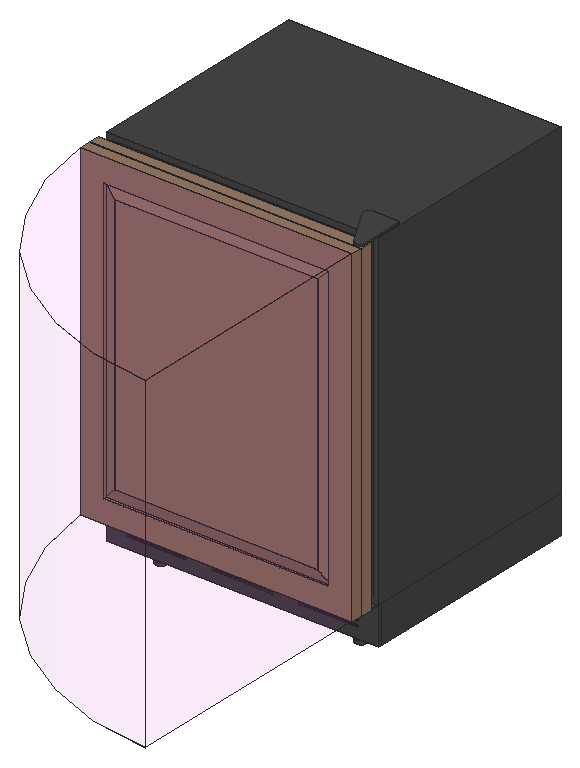
Revit family "QF_Summit_FF6BK2SSRSIF_Refrigerator", category Specialty Equipment, Revit 2020
Family settings
  Round Connector Dimension = Use Diameter
  Part Type = Normal
  Work Plane-Based = No
  Always vertical = Yes
  Cut with Voids When Loaded = No
  Shared = No
  Room Calculation Point = No
Parameters
  Weight in Pounds = 100
  Watts = Volts * FL Amps  # 92 W
  Volts = 115 V
  URL Cutsheet = ""
  Standard Height [instance] = if(Show 33.5 Height, Show 34.5 Height, not(Show 34.5 Height))  # no
  Specification by User = ""
  Specification by Manufacturer = ""
  Show Removable Cover [instance] = no
  Show LHD [instance] = no
  Show 34.5 Height [instance] = no
  Show 33.5 Height [instance] = yes
  Right Hinged Door [instance] = not(Show LHD)  # yes
  Serial Number = ""
  Seismic Rating = ""
  SMACNA No = ""
  Revision Code = ""
  Refrigerant Volume = 0.00 kip
  Refrigerant Type = "R600a"
  Phase = 1
  Number of Poles = 1
  NAFEM Spec ID Number = ""
  Model = "FF6BK2SSRSIF"
  Min Ckt Ampacity = 0 A
  Max Overcurrent Protection = 0 A
  Masterspec = ""
  Manufacturer = "Summit"
  Length = 23 5/8"
  Item Number = ""
  Installed By = ""
  Identify Quantity as Lot = yes
  Height [instance] = if(Standard Height, 33 1/4", if(Show 33.5 Height, 33 1/2", if(Show 34.5 Height, 34 1/2", 33 1/4")))  # 33 1/2"
  HP = ""
  Furnished By = ""
  Foodservice Equipment Identifier = yes
  FL Amps = 0.8 A
  Electrical Remarks = ""
  Electric Connection Type = ""
  Elec Conn RI Height = 0"
  Elec Conn Connection Height = 0"
  Description = "Refrigerator"
  Depth = 22 3/8"
  Default Elevation = 0"
  Cycle = 60 Hz
  Conn Plug = ""
  Conn Conduit = yes
  CSI MasterFormat = ""
  Base Height [instance] = if(Standard Height, 1 1/4", if(Show 33.5 Height, 1 1/2", if(Show 34.5 Height, 2 1/2", 1 1/4")))  # 1 1/2"
  BTUH = 0.0 Btu/h
  Apparent Power = if(Phase = 3, Volts * FL Amps * 1.73, Volts * FL Amps)  # 92 VA
Reference planes (in)
  plane 1 "BACK": y = 0
  plane 2: z = 0
  plane 3 "LEFT": x = 0
  plane 4 "RIGHT": x = 23.625
  plane 5 "FRONT": y = -22.375
  plane 6 "TOP": z = 33.5
  plane 7 "Center Y": x = 11.8125
  plane 8 "Center X": y = -11.1875
  plane 9: z = 33.375
  plane 10: y = -23.375
  plane 11: y = -45.875
  plane 12: y = -0.75
  plane 13: y = -20.5
  plane 14 "Base Height": z = 1.5
  plane 15: x = 17.46169
  plane 16: z = 4.73989
Forms (in)
  Extrusion 1, solid, material "QF_Metallic_Paint_Black_Smooth"
    sketch origin (0, 0, 4.73989) x (1, 0, 0) y (0, 1, 0)
      loop
        line (0, -0.75) -> (0, -20.5) -> (23.625, -20.5) -> (23.625, -0.75) -> (0, -0.75)
    from 0 to 28.63511
  Extrusion 2, solid, material "QF_Wood_Mahogany"
    sketch origin (-4.07558, -180, 1.5) x (-1, 0, 0) y (0, -1, 0)
      loop
        line (-4.07558, -157.625) -> (-27.70058, -157.625) -> (-27.70058, -158.625) -> (-4.07558, -158.625) -> (-4.07558, -157.625)
    from 3.23989 to 31.875
  Extrusion 3, solid, material "QF_Metallic_Paint_Black_Smooth"
    sketch origin (23.625, -20.5, 4.73989) x (-1, 0, 0) y (0, 0, -1)
      loop
        line (0.5, -0.48989) -> (0.5, -28.13511) -> (23.125, -28.13511) -> (23.125, -0.48989) -> (0.5, -0.48989)
    from 0 to 0.875
  Extrusion 4, solid, material "QF_Metallic_Paint_Black_Smooth", visible <- "Right Hinged Door"
    sketch origin (0, 0, 33.375) x (1, 0, 0) y (0, 1, 0)
      loop
        arc (23.49982, -18.2597) -> (23.42659, -18.08292) -> (23.24982, -18.0097) r 0.25
        line (23.24982, -18.0097) -> (21.13852, -18.0097)
        arc (21.13852, -18.0097) -> (20.78238, -18.21325) -> (20.77701, -18.62342) r 0.41333
        line (20.77701, -18.62342) -> (22.69374, -22.08129)
        arc (22.69374, -22.08129) -> (23.17748, -22.28912) -> (23.49982, -21.87283) r 0.42999
        line (23.49982, -21.87283) -> (23.49982, -18.2597)
    from 0 to 0.125
  Extrusion 5, solid, material "QF_Metallic_Paint_Black_Smooth", visible <- "Right Hinged Door"
    sketch origin (-4.07558, -180, 4.73989) x (0, -1, 0) y (-1, 0, 0)
      loop
        line (-159.5, -27.5754) -> (-158.12717, -27.5754)
        arc (-158.12717, -27.5754) -> (-157.71088, -27.25307) -> (-157.91871, -26.76933) r 0.42999
        line (-157.91871, -26.76933) -> (-159.5, -25.8928) -> (-159.5, -27.5754)
    from 0 to 0.125
  Extrusion 6, solid, material "QF_Metallic_Paint_Black_Smooth"
    sketch origin (0, -20.25, 0) x (1, 0, 0) y (0, 0, 1)
      loop
        line (0, 4.73989) -> (0, 1.5) -> (23.625, 1.5) -> (23.625, 4.73989) -> (0, 4.73989)
      loop
        line (1.70562, 4.10478) -> (1.70562, 3.85478) -> (6.95562, 3.85478) -> (6.95562, 4.10478) -> (1.70562, 4.10478)
      loop
        line (1.70562, 3.60478) -> (1.70562, 3.35478) -> (6.95562, 3.35478) -> (6.95562, 3.60478) -> (1.70562, 3.60478)
      loop
        line (1.70562, 3.10478) -> (1.70562, 2.85478) -> (6.95562, 2.85478) -> (6.95562, 3.10478) -> (1.70562, 3.10478)
      loop
        line (1.70562, 2.60478) -> (1.70562, 2.35478) -> (6.95562, 2.35478) -> (6.95562, 2.60478) -> (1.70562, 2.60478)
      loop
        line (9.1875, 4.10478) -> (9.1875, 3.85478) -> (14.4375, 3.85478) -> (14.4375, 4.10478) -> (9.1875, 4.10478)
      loop
        line (9.1875, 3.60478) -> (9.1875, 3.35478) -> (14.4375, 3.35478) -> (14.4375, 3.60478) -> (9.1875, 3.60478)
      loop
        line (9.1875, 3.10478) -> (9.1875, 2.85478) -> (14.4375, 2.85478) -> (14.4375, 3.10478) -> (9.1875, 3.10478)
      loop
        line (9.1875, 2.60478) -> (9.1875, 2.35478) -> (14.4375, 2.35478) -> (14.4375, 2.60478) -> (9.1875, 2.60478)
      loop
        line (21.91938, 4.10478) -> (16.66938, 4.10478) -> (16.66938, 3.85478) -> (21.91938, 3.85478) -> (21.91938, 4.10478)
      loop
        line (21.91938, 3.60478) -> (16.66938, 3.60478) -> (16.66938, 3.35478) -> (21.91938, 3.35478) -> (21.91938, 3.60478)
      loop
        line (21.91938, 3.10478) -> (16.66938, 3.10478) -> (16.66938, 2.85478) -> (21.91938, 2.85478) -> (21.91938, 3.10478)
      loop
        line (21.91938, 2.60478) -> (16.66938, 2.60478) -> (16.66938, 2.35478) -> (21.91938, 2.35478) -> (21.91938, 2.60478)
    from 0 to 0.25
  Extrusion 7, solid, material "QF_Metallic_Paint_Black_Smooth"
    sketch origin (0, 0, 0) x (1, 0, 0) y (0, 0, 1)
      loop
        line (0, 4.73989) -> (0, 1.5) -> (23.625, 1.5) -> (23.625, 4.73989) -> (0, 4.73989)
    from 20.25 to 0.75
  Extrusion 8, solid, material "QF_Metal_Stainless_Polished"
    sketch origin (0, -0.75, 4.73989) x (1, 0, 0) y (0, 0, -1)
      loop
        circle (17.46169, 2.27816) r 0.25
    from 0 to 0.25
  Extrusion 9, solid, material "QF_Metallic_Paint_Black_Smooth"
    sketch origin (0, -0.75, 19.875) x (0, -1, 0) y (1, 0, 0)
      loop
        line (-0.75, 9.30778) -> (0, 9.30778) -> (0, 14.31722) -> (-0.75, 14.31722) -> (-0.75, 9.30778)
    from -3 to 3
  Extrusion 10, solid, material "QF_Clearances_Door_Drawer", visible <- "Right Hinged Door"
    sketch origin (-4.07558, -180, 4.73989) x (0, -1, 0) y (-1, 0, 0)
      loop
        line (-156.625, -27.70058) -> (-134.125, -27.70058)
        arc (-134.125, -27.70058) -> (-140.92298, -11.64807) -> (-156.625, -4.07558) r 24.71492
        line (-156.625, -4.07558) -> (-156.625, -27.70058)
    from 0 to -28.63511
  Extrusion 11, solid, material "QF_Wood_Mahogany"
    sketch origin (2, -23.375, 31.375) x (1, 0, 0) y (0, 0, 1)
      loop
        line (1, -1) -> (1, -23.63511) -> (18.625, -23.63511) -> (18.625, -1) -> (1, -1)
    from 0 to -1
  Extrusion 12, solid, material "QF_Metallic_Paint_Black_Smooth", visible <- "Show Removable Cover"
    sketch origin (-4.07558, -180, 1.5) x (-1, 0, 0) y (0, -1, 0)
      loop
        line (-4.07558, -179.25) -> (-4.07558, -159.5) -> (-27.70058, -159.5) -> (-27.70058, -179.25) -> (-4.07558, -179.25)
      loop
        line (-4.32558, -159.75) -> (-27.45058, -159.75) -> (-27.45058, -179) -> (-4.32558, -179) -> (-4.32558, -159.75)
    from 0 to -1.5
  Extrusion 13, solid, material "QF_Metallic_Paint_Black_Smooth"
    sketch origin (0, 0, 0) x (1, 0, 0) y (0, 1, 0)
      loop
        circle (3.1104, -18.5) r 0.5
      loop
        circle (3.1104, -2.75) r 0.5
      loop
        circle (20.5146, -18.5) r 0.5
      loop
        circle (20.5146, -2.75) r 0.5
    from 0 to 0.25
  Extrusion 14, solid, material "QF_Metallic_Paint_Black_Smooth"
    sketch origin (0, 0, 0.25) x (1, 0, 0) y (0, 1, 0)
      loop
        circle (3.1104, -18.5) r 0.25
      loop
        circle (3.1104, -2.75) r 0.25
      loop
        circle (20.5146, -18.5) r 0.25
      loop
        circle (20.5146, -2.75) r 0.25
    from 0 to 1.25
  Sweep 15, solid, material "QF_Wood_Mahogany"
    path in 3D
      loop
        line (23.625, -22.375, 33.375) -> (23.625, -22.375, 4.73989) -> (0, -22.375, 4.73989) -> (0, -22.375, 33.375) -> (23.625, -22.375, 33.375)
    profile origin (11.8125, -22.375, 33.375) x (0, 1, 0) y (0, 0, 1)
      loop
        line (0, 0) -> (-1, 0) -> (-1, -2) -> (-0.75, -2) -> (-1, -3) -> (0, -3) -> (0, 0)
  Extrusion 16, solid, material "QF_Metallic_Paint_Black_Smooth", visible <- "Show LHD"
    sketch origin (23.625, 0, 33.375) x (-1, 0, 0) y (0, -1, 0)
      loop
        line (23.49982, 18.2597) -> (23.49982, 21.87283)
        arc (23.49982, 21.87283) -> (23.17748, 22.28912) -> (22.69374, 22.08129) r 0.42999
        line (22.69374, 22.08129) -> (20.77701, 18.62342)
        arc (20.77701, 18.62342) -> (20.78238, 18.21325) -> (21.13852, 18.0097) r 0.41333
        line (21.13852, 18.0097) -> (23.24982, 18.0097)
        arc (23.24982, 18.0097) -> (23.42659, 18.08292) -> (23.49982, 18.2597) r 0.25
    from 0 to 0.125
  Extrusion 17, solid, material "QF_Metallic_Paint_Black_Smooth", visible <- "Show LHD"
    sketch origin (27.70058, -180, 4.73989) x (0, 1, 0) y (1, 0, 0)
      loop
        line (159.5, -27.5754) -> (159.5, -25.8928) -> (157.91871, -26.76933)
        arc (157.91871, -26.76933) -> (157.71088, -27.25307) -> (158.12717, -27.5754) r 0.42999
        line (158.12717, -27.5754) -> (159.5, -27.5754)
    from 0 to 0.125
  Extrusion 18, solid, material "QF_Clearances_Door_Drawer", visible <- "Show LHD"
    sketch origin (27.70058, -180, 4.73989) x (0, 1, 0) y (1, 0, 0)
      loop
        line (156.625, -27.70058) -> (156.625, -4.07558)
        arc (156.625, -4.07558) -> (140.92298, -11.64807) -> (134.125, -27.70058) r 24.71492
        line (134.125, -27.70058) -> (156.625, -27.70058)
    from 0 to -28.63511
Cuts and joins
  joined: Extrusion 13, Extrusion 14
Lines and regions (in)
  symbolic lines
    curve 1: line (0, -23.375, 0) -> (23.625, -23.375, 0)
    curve 2: line (23.625, -22.375, 0) -> (0, -22.375, 0)
    curve 3: line (23.625, -21.375, 0) -> (23.49982, -21.375, 0)
    curve 4: line (0, -20.5, 0) -> (0.12518, -20.5, 0)
    curve 5: line (23.625, -0.75, 0) -> (0, -0.75, 0)
    curve 6: line (14.31722, 0, 0) -> (9.30778, 0, 0)
    curve 7: line (0, -0.75, 0) -> (0, -20.5, 0)
    curve 8: line (23.625, -20.5, 0) -> (23.625, -0.75, 0)
    curve 9: line (9.30778, 0, 0) -> (9.30778, -0.75, 0)
    curve 10: line (14.31722, -0.75, 0) -> (14.31722, 0, 0)
    curve 12: line (0, -21.375, 0) -> (0, -22.375, 0)
    curve 13: line (0, -22.375, 0) -> (0, -23.375, 0)
    curve 14: line (23.625, -23.375, 0) -> (23.625, -22.375, 0)
    curve 15: line (23.625, -22.375, 0) -> (23.625, -21.375, 0)
    curve 22: line (22.30224, -21.375, 0) -> (1.32276, -21.375, 0)
    curve 23: line (23.49982, -20.5, 0) -> (23.625, -20.5, 0)
    curve 38: line (1.80778, -20.5, 0) -> (21.81722, -20.5, 0)
    curve 41: line (0.12518, -21.375, 0) -> (0, -21.375, 0)
  symbolic lines, visible <- "Right Hinged Door"
    curve 11: line (0.5, -20.5, 0) -> (0.5, -21.375, 0)
    curve 16: line (23.24982, -18.0097, 0) -> (21.13852, -18.0097, 0)
    curve 17: arc (21.13852, -18.0097, 0) -> (20.78238, -18.21325, 0) -> (20.77701, -18.62342, 0) r 0.41333
    curve 18: line (20.77701, -18.62342, 0) -> (22.69374, -22.08129, 0)
    curve 19: arc (22.69374, -22.08129, 0) -> (23.17748, -22.28912, 0) -> (23.49982, -21.87283, 0) r 0.42999
    curve 20: line (23.49982, -21.87283, 0) -> (23.49982, -18.2597, 0)
    curve 21: arc (23.49982, -18.2597, 0) -> (23.42659, -18.08292, 0) -> (23.24982, -18.0097, 0) r 0.25
    curve 39: line (0.12518, -20.5, 0) -> (1.80778, -20.5, 0)
    curve 40: line (1.32276, -21.375, 0) -> (0.12518, -21.375, 0)
  symbolic lines, style "QF_Clearances_Door_Drawer", visible <- "Right Hinged Door"
    curve 24: line (23.625, -23.375, 0) -> (3.95051, -34.73407, 0)
    curve 25: arc (3.95051, -34.73407, 0) -> (1.27379, -29.2985, 0) -> (0, -23.375, 0) r 24.71492
  sketch lines
    curve 26: line (0, -22.375, 33.375) -> (23.625, -22.375, 33.375)
    curve 27: line (0, -22.375, 33.375) -> (0, -22.375, 4.73989)
    curve 28: line (23.625, -22.375, 33.375) -> (23.625, -22.375, 4.73989)
    curve 29: line (23.625, -22.375, 4.73989) -> (0, -22.375, 4.73989)
  symbolic lines, visible <- "Show LHD"
    curve 30: line (0.37518, -18.0097, 0) -> (2.48648, -18.0097, 0)
    curve 31: arc (2.48648, -18.0097, 0) -> (2.84262, -18.21325, 0) -> (2.84799, -18.62342, 0) r 0.41333
    curve 32: line (2.84799, -18.62342, 0) -> (0.93126, -22.08129, 0)
    curve 33: arc (0.93126, -22.08129, 0) -> (0.44752, -22.28912, 0) -> (0.12518, -21.87283, 0) r 0.42999
    curve 34: line (0.12518, -21.87283, 0) -> (0.12518, -18.2597, 0)
    curve 35: arc (0.12518, -18.2597, 0) -> (0.19841, -18.08292, 0) -> (0.37518, -18.0097, 0) r 0.25
    curve 42: line (23.125, -20.5, 0) -> (23.125, -21.375, 0)
    curve 43: line (23.49982, -20.5, 0) -> (21.81722, -20.5, 0)
    curve 44: line (22.30224, -21.375, 0) -> (23.49982, -21.375, 0)
  symbolic lines, style "QF_Clearances_Door_Drawer", visible <- "Show LHD"
    curve 36: line (0, -23.375, 0) -> (19.67449, -34.73407, 0)
    curve 37: arc (19.67449, -34.73407, 0) -> (22.35121, -29.2985, 0) -> (23.625, -23.375, 0) r 24.71492
Dimensions and locks (in)
  equal spacing: plane 3 "LEFT", plane 7 "Center Y", plane 4 "RIGHT"
  "Length": plane 3 "LEFT" to plane 4 "RIGHT"
  equal spacing: plane 5 "FRONT", plane 8 "Center X", plane 1 "BACK"
  "Depth": plane 5 "FRONT" to plane 1 "BACK"
  "Height": plane 6 "TOP" to level
  locked: plane 6 "TOP" to plane 9 at 0.125
  plane 1 "BACK" to plane 12 = 3/4"
  plane 12 to plane 13 = 19 3/4"
  plane 13 to plane 11 = 25 3/8"
  plane 12 to plane 11 = 45 1/8"
  "Base Height": plane 14 "Base Height" to plane 2
  locked: plane 16 to plane 14 "Base Height" at 3.23989
  plane 9 to plane 14 "Base Height" = 31 7/8"
  aligned and locked: level to plane 2
  aligned and locked: Extrusion 12 to level
  aligned and locked: plane 14 "Base Height" to cut or joined group of Extrusion 13, Extrusion 14
Automatic sketch dimensions
  plane 1 "BACK" to Extrusion 9 sketch curve = 0"
  Extrusion 9 sketch curve to plane 12 = 0"
  Extrusion 9 sketch curve to plane 7 "Center Y" = 2.50472"
  plane 7 "Center Y" to Extrusion 9 sketch curve = 2.50472"
  curve 12 to plane 3 "LEFT" = 0"
  curve 4 to plane 3 "LEFT" = 0"
  curve 39 to plane 13 = 0"
  curve 4 to plane 13 = 0"
  curve 38 to plane 13 = 0"
  plane 1 "BACK" to curve 9 = 0"
  curve 9 to plane 12 = 0"
  curve 43 to plane 13 = 0"
  curve 23 to plane 13 = 0"
  curve 37 to plane 4 "RIGHT" = 0"
  curve 23 to plane 4 "RIGHT" = 0"
  curve 13 to plane 10 = 0"
  plane 5 "FRONT" to curve 13 = 0"
  curve 37 to plane 3 "LEFT" = 0.99226"
  plane 3 "LEFT" to curve 40 = 0.12518"
  curve 34 to curve 35 = 1/4"
  curve 34 to curve 33 = 0.42999"
  curve 32 to plane 5 "FRONT" = 0.29371"
  curve 33 to curve 32 = 0.37608"
  curve 33 to curve 22 = 0.3915"
  curve 35 to curve 31 = 2.1113"
  curve 31 to curve 32 = 0.36151"
  plane 3 "LEFT" to curve 24 = 3.95051"
  curve 9 to plane 7 "Center Y" = 2.50472"
  plane 7 "Center Y" to curve 10 = 2.50472"
  curve 36 to plane 15 = 2.2128"
  plane 4 "RIGHT" to curve 18 = 2.84799"
  curve 17 to curve 16 = 0.36151"
  curve 18 to plane 5 "FRONT" = 0.29371"
  plane 4 "RIGHT" to curve 18 = 0.93126"
  curve 18 to curve 19 = 0.37608"
  plane 4 "RIGHT" to curve 21 = 0.37518"
  plane 4 "RIGHT" to curve 20 = 0.12518"
  curve 25 to plane 4 "RIGHT" = 0.99226"
  curve 36 to curve 1 = 11.35907"
  curve 24 to curve 1 = 11.35907"
  curve 34 to curve 40 = 0.49783"
  curve 19 to curve 15 = 0.49783"
  curve 22 to curve 40 = 0"
  curve 41 to curve 40 = 0"
  plane 13 to curve 18 = 1.87658"
  curve 17 to curve 17 = 0.20039"
  curve 31 to curve 31 = 0.20039"
  curve 4 to curve 11 = 0.37482"
  curve 44 to curve 22 = 0"
  curve 42 to curve 23 = 0.37482"
  Extrusion 1 sketch curve to Extrusion 7 = 0"  (x3)
  Extrusion 1 sketch curve to Extrusion 7 = 1/4"
  Extrusion 2 sketch curve to plane 4 "RIGHT" = 0"
  Extrusion 2 sketch curve to plane 3 "LEFT" = 0"
  plane 5 "FRONT" to Extrusion 2 sketch curve = 0"
  Extrusion 2 sketch curve to plane 13 = 7/8"
  Extrusion 3 sketch curve to Extrusion 1 = 1/2"
  Extrusion 1 to Extrusion 3 sketch curve = 1/2"  (x2)
  Extrusion 1 to Extrusion 3 sketch curve = 0.48989"
  Extrusion 4 sketch curve to Extrusion 1 = 1.87658"
  Extrusion 4 sketch curve to Extrusion 1 = 2.84799"
  Extrusion 4 sketch curve to Extrusion 4 sketch curve = 0.36151"
  Extrusion 4 sketch curve to Extrusion 1 = 0.93126"
  Extrusion 4 sketch curve to Extrusion 4 sketch curve = 0.37608"
  Extrusion 4 sketch curve to Extrusion 1 = 0.37518"
  Extrusion 4 sketch curve to Extrusion 1 = 0.12518"
  Extrusion 1 to Extrusion 4 sketch curve = 1.37283"
  Extrusion 4 sketch curve to Extrusion 4 sketch curve = 0.20039"
  Extrusion 2 to Extrusion 5 sketch curve = 0.12518"
  Extrusion 5 sketch curve to Extrusion 2 = 7/8"
  Extrusion 2 to Extrusion 5 sketch curve = 0.49783"
  Extrusion 2 to Extrusion 5 sketch curve = 0.29371"
  Extrusion 5 sketch curve to Extrusion 5 sketch curve = 0.42999"
  Extrusion 5 sketch curve to Extrusion 5 sketch curve = 1.6826"
  Extrusion 7 to Extrusion 6 sketch curve = 0"
  Extrusion 6 sketch curve to Extrusion 7 = 0"  (x3)
  Extrusion 6 sketch curve to Extrusion 7 = 1.70562"  (x2)
  Extrusion 6 sketch curve to Extrusion 7 = 0.63511"
  Extrusion 6 sketch curve to Extrusion 6 sketch curve = 0"  (x18)
  Extrusion 6 sketch curve to Extrusion 7 = 1.38511"  (x2)
  Extrusion 6 sketch curve to Extrusion 6 sketch curve = 5 1/4"  (x2)
  Extrusion 6 sketch curve to Extrusion 6 sketch curve = 2.23188"  (x2)
  Extrusion 6 sketch curve to Extrusion 7 = 0.85478"  (x3)
  Extrusion 6 sketch curve to Extrusion 6 sketch curve = 1/4"  (x18)
  Extrusion 7 sketch curve to plane 3 "LEFT" = 0"
  plane 4 "RIGHT" to Extrusion 7 sketch curve = 0"
  Extrusion 7 sketch curve to plane 14 "Base Height" = 0"
  Extrusion 7 sketch curve to plane 16 = 0"
  Extrusion 8 sketch curve to Extrusion 1 = 2.27816"
  Extrusion 8 sketch curve to Extrusion 1 = 6.16331"
  Extrusion 10 sketch curve to Extrusion 2 = 0"  (x2)
  Extrusion 10 sketch curve to Extrusion 2 = 0.19499"
  Extrusion 10 sketch curve to Extrusion 2 = 1"
  Extrusion 10 sketch curve to Extrusion 10 sketch curve = 22 1/2"
  Extrusion 11 sketch curve to Sweep 15 = 1"  (x4)
  Extrusion 12 sketch curve to plane 4 "RIGHT" = 0"
  Extrusion 12 sketch curve to plane 3 "LEFT" = 0"
  Extrusion 12 sketch curve to plane 12 = 0"
  Extrusion 12 sketch curve to plane 13 = 0"
  plane 4 "RIGHT" to Extrusion 12 sketch curve = 1/4"
  plane 3 "LEFT" to Extrusion 12 sketch curve = 1/4"
  Extrusion 12 sketch curve to plane 12 = 1/4"
  plane 13 to Extrusion 12 sketch curve = 1/4"
  plane 3 "LEFT" to Extrusion 13 sketch curve = 3.1104"  (x2)
  Extrusion 13 sketch curve to plane 15 = 3.05291"  (x2)
  plane 13 to Extrusion 13 sketch curve = 2"  (x2)
  Extrusion 13 sketch curve to plane 12 = 2"  (x2)
  Sweep 15 sketch curve to profile plane = 0"  (x2)
  profile plane to Sweep 15 sketch curve = 3/4"
  profile plane to Sweep 15 sketch curve = 1"
  Sweep 15 sketch curve to Sweep 15 sketch curve = 1/4"
  Sweep 15 sketch curve to profile plane = 2"
  Sweep 15 sketch curve to Sweep 15 sketch curve = 1"
  Extrusion 16 sketch curve to Extrusion 1 = 1.87658"
  Extrusion 16 sketch curve to Extrusion 1 = 2.84799"
  Extrusion 16 sketch curve to Extrusion 16 sketch curve = 0.36151"
  Extrusion 16 sketch curve to Extrusion 1 = 0.93126"
  Extrusion 16 sketch curve to Extrusion 16 sketch curve = 0.37608"
  Extrusion 16 sketch curve to Extrusion 1 = 0.37518"
  Extrusion 16 sketch curve to Extrusion 1 = 0.12518"
  Extrusion 16 sketch curve to Extrusion 16 sketch curve = 0.20039"
  Extrusion 1 to Extrusion 16 sketch curve = 1.37283"
  Extrusion 2 to Extrusion 17 sketch curve = 0.29371"
  Extrusion 2 to Extrusion 17 sketch curve = 0.12518"
  Extrusion 2 to Extrusion 17 sketch curve = 0.49783"
  Extrusion 17 sketch curve to Extrusion 2 = 7/8"
  Extrusion 17 sketch curve to Extrusion 17 sketch curve = 0.42999"
  Extrusion 17 sketch curve to Extrusion 17 sketch curve = 1.6826"
  Extrusion 18 sketch curve to Extrusion 2 = 0"  (x2)
  Extrusion 18 sketch curve to Extrusion 2 = 23 1/2"
  Extrusion 18 sketch curve to Extrusion 2 = 1"
  Extrusion 18 sketch curve to Extrusion 2 = 0.19499"
  radius of Extrusion 8 sketch curve = 1/4"
  radius of Extrusion 13 sketch curve = 1/2"  (x4)
  radius of Extrusion 14 sketch curve to Extrusion 13 = 1/4"  (x4)
Connectors (in)
  electrical at (17.46169, -0.5, 2.46173), driven by "Volts", driven by "Watts"
    settings: on Extrusion 8, index 2, voltage 115 V, apparent load 92 VA, apparent load phase1 0 VA, apparent load phase2 0 VA, apparent load phase3 0 VA, power factor 1, load classification "Other", number of poles 1, system type 30, power factor state 1, is connector primary yes, connector utility no, sub classification motor no, connector description ""
